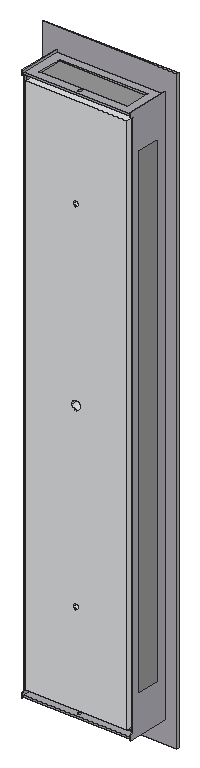
Revit family "Lighting - Lumetta - Sconce - W1636XX", category Lighting Fixtures, host Wall, Revit 2015 (continued)
Forms (in)
  Extrusion 16, solid, material "Paint - Lumetta - F02 - PC_Chrome" <- "Frame Finish", visible <- "W163606 - Xina"
    sketch origin (0, 5.59771, 0) x (-1, 0, 0) y (0, 0, 1)
      loop
        line (0.44321, 88.46486) -> (-0.31867, 88.04987) -> (-0.31867, 87.50365) -> (0.18192, 86.49302) -> (2.39525, 87.6201) -> (0.44321, 88.46486)
      loop
        line (0.65043, 84.6419) -> (-0.31867, 86.4579) -> (-0.31867, 85.03031) -> (0.65043, 84.6419)
      loop
        line (-0.31867, 83.53372) -> (-0.03267, 83.44752) -> (0.95029, 83.92311) -> (0.75143, 84.35346) -> (-0.31867, 84.76721) -> (-0.31867, 83.53372)
      loop
        line (0.0172, 83.21242) -> (-0.31867, 83.06133) -> (-0.31867, 81.44519) -> (1.99675, 81.82353) -> (1.60613, 82.6729) -> (0.0172, 83.21242)
      loop
        line (0.56003, 80.17105) -> (-0.31867, 80.75374) -> (-0.31867, 79.65274) -> (0.56003, 80.17105)
      loop
        line (0.7859, 80.05964) -> (-0.31867, 79.38041) -> (-0.31867, 78.66252) -> (2.44684, 78.96242) -> (0.7859, 80.05964)
      loop
        line (-0.31867, 77.71223) -> (-0.31867, 77.07328) -> (0.11929, 75.46787) -> (1.35883, 76.15686) -> (-0.31867, 77.71223)
      loop
        line (-0.31867, 76.23955) -> (-0.31867, 74.46163) -> (0.19565, 74.33742) -> (-0.31867, 76.23955)
      loop
        line (0.23683, 74.11666) -> (-0.31867, 74.23049) -> (-0.31867, 71.23191) -> (0.90944, 71.66387) -> (0.23683, 74.11666)
      loop
        line (1.37615, 69.92075) -> (-0.31867, 71.04814) -> (-0.31867, 69.77485) -> (1.10448, 69.29575) -> (1.43133, 69.67075) -> (1.37615, 69.92075)
      loop
        line (0.90944, 69.11713) -> (-0.31867, 69.56712) -> (-0.31867, 67.82827) -> (0.90944, 69.11713)
      loop
        line (1.38311, 68.95594) -> (-0.31867, 67.14906) -> (-0.31867, 66.24554) -> (0.45645, 65.92075) -> (2.21299, 66.87664) -> (1.68047, 68.85386) -> (1.38311, 68.95594)
      loop
        line (0.20425, 65.77768) -> (-0.31867, 66.01329) -> (-0.31867, 65.50113) -> (0.20425, 65.77768)
      loop
        line (2.11057, 64.92225) -> (0.45645, 65.65686) -> (-0.31867, 65.22514) -> (-0.31867, 64.92225) -> (2.11057, 64.92225)
      loop
        line (3.18133, 67.35672) -> (3.18133, 68.34418) -> (1.95129, 68.77326) -> (2.45045, 66.96798) -> (3.18133, 67.35672)
      loop
        line (1.90429, 69.51864) -> (1.79199, 69.38577) -> (1.91149, 69.00039) -> (3.18133, 68.56751) -> (3.18133, 68.6574) -> (1.90429, 69.51864)
      loop
        line (3.18133, 68.91505) -> (3.18133, 70.84508) -> (2.07343, 69.67591) -> (3.18133, 68.91505)
      loop
        line (1.60661, 69.98003) -> (1.70499, 69.90316) -> (3.18133, 71.49431) -> (3.18133, 72.17582) -> (1.21824, 71.51343) -> (1.60661, 69.98003)
      loop
        line (3.18133, 72.39584) -> (3.18133, 73.44403) -> (0.51136, 74.03186) -> (1.14946, 71.73622) -> (3.18133, 72.39584)
      loop
        line (3.18133, 75.03553) -> (3.18133, 76.88998) -> (1.88564, 76.19853) -> (3.18133, 75.03553)
      loop
        line (3.18133, 77.14999) -> (3.18133, 78.47352) -> (2.75844, 78.76144) -> (-0.31867, 78.45764) -> (-0.31867, 78.34802) -> (1.72456, 76.3544) -> (3.18133, 77.14999)
      loop
        line (3.18133, 79.02294) -> (3.18133, 79.48919) -> (2.44684, 81.02378) -> (0.9727, 80.17105) -> (2.84492, 78.96242) -> (3.18133, 79.02294)
      loop
        line (2.79561, 81.25983) -> (3.18133, 80.54982) -> (3.18133, 81.45908) -> (2.79561, 81.25983)
      loop
        line (2.56196, 81.71115) -> (2.70534, 81.44853) -> (3.18133, 81.72292) -> (3.18133, 81.82736) -> (2.56196, 81.71115)
      loop
        line (3.18133, 82.04741) -> (3.18133, 82.10692) -> (2.1723, 82.46242) -> (2.44684, 81.93464) -> (3.18133, 82.04741)
      loop
        line (3.18133, 82.32313) -> (3.18133, 84.77777) -> (1.43133, 83.93801) -> (2.04243, 82.73231) -> (3.18133, 82.32313)
      loop
        line (3.18133, 85.00363) -> (3.18133, 85.37533) -> (0.53029, 85.80071) -> (1.35883, 84.14297) -> (3.18133, 85.00363)
      loop
        line (2.99591, 87.36519) -> (0.36443, 86.10567) -> (0.39541, 86.06319) -> (3.18133, 85.54193) -> (3.18133, 87.24436) -> (2.99591, 87.36519)
      loop
        line (3.18133, 87.98568) -> (3.18133, 89.91569) -> (0.71726, 88.60131) -> (2.65535, 87.7345) -> (3.18133, 87.98568)
      loop
        line (0.44273, 88.7277) -> (2.73698, 89.92225) -> (-0.31867, 89.92225) -> (-0.31867, 89.04623) -> (0.44273, 88.7277)
      loop
        line (-2.56867, 95.42225) -> (-2.56867, 59.42225) -> (5.43133, 59.42225) -> (5.43133, 95.42225) -> (-2.56867, 95.42225)
      loop
        line (1.07429, 83.74747) -> (0.30546, 83.36519) -> (1.50758, 82.89466) -> (1.07429, 83.74747)
      loop
        line (2.09998, 81.63603) -> (-0.24361, 81.22631) -> (-0.29825, 81.02378) -> (0.79899, 80.31421) -> (2.33894, 81.22631) -> (2.09998, 81.63603)
      loop
        line (0.95737, 71.44358) -> (0.00347, 71.11519) -> (1.29814, 70.20054) -> (0.95737, 71.44358)
      loop
        line (2.26852, 66.62908) -> (0.69809, 65.77768) -> (2.65755, 64.92628) -> (2.75611, 64.98414) -> (2.26852, 66.62908)
      loop
        circle (1.43133, 77.42225) r 0.5
    from 0 to -0.0933
Cuts and joins
  Extrusion 2, Extrusion 4 cuts Extrusion 3
  Extrusion 4 cuts Extrusion 1
Text (in)
  text "Placement Side" at (0, 40.15149, 123.01588), in view "Right"
  text "Placement Side" at (-70.3804, 28.46503, 0), in view "Ref. Level"
  text "Placement Side" at (0, 85.69064, 140.59947), in view "Left"
Dimensions and locks (in)
  plane 4 "Light Source Elevation" to plane 6 "Sconce-TOP" = 1' - 6"
  plane 5 "Sconce-BTM" to plane 4 "Light Source Elevation" = 1' - 6"
  locked: plane 3 "Light Source Axis (L/R)" to Extrusion 1 sketch curve at 3  (x2)
  locked: Extrusion 1 sketch curve to Extrusion 1 sketch curve at 6
  locked: Extrusion 2 sketch curve to plane 7 "Wall-Face" at 0.25
  locked: Extrusion 3 sketch curve to Extrusion 3 sketch curve at 0.09375  (x4)
  locked: Extrusion 3 sketch curve to Extrusion 3 sketch curve at 0.75  (x2)
  locked: Extrusion 3 sketch curve to Extrusion 3 sketch curve at 2.4375
  locked: Extrusion 3 sketch curve to plane 7 "Wall-Face"
  locked: plane 5 "Sconce-BTM" to Extrusion 3 sketch curve at 1.34375
  locked: Extrusion 3 sketch curve to plane 6 "Sconce-TOP" at 1.34375
  locked: Extrusion 4 sketch curve to Extrusion 4 sketch curve at 5.25
  locked: Extrusion 4 sketch curve to Extrusion 4 sketch curve at 1.5
  locked: Extrusion 4 sketch curve to plane 7 "Wall-Face" at 0.5
  locked: Extrusion 4 sketch curve to plane 3 "Light Source Axis (L/R)" at 2.625
  locked: Extrusion 5 to Extrusion 5 at 0.05584
  locked: Extrusion 6 to Extrusion 6 at 0.05584
  cut or joined group of Extrusion 2, Extrusion 3, Extrusion 4 to plane 3 "Light Source Axis (L/R)" = 0' - 3 3/16"
  plane 3 "Light Source Axis (L/R)" to cut or joined group of Extrusion 2, Extrusion 3, Extrusion 4 = 0' - 3 3/16"
  plane 3 "Light Source Axis (L/R)" to Extrusion 6 = 0' - 3.24334"
  Extrusion 5 to plane 3 "Light Source Axis (L/R)" = 0' - 3.24334"
  locked: Extrusion 7 sketch curve to plane 6 "Sconce-TOP" at 1.375
  locked: plane 5 "Sconce-BTM" to Extrusion 7 sketch curve at 1.375
  Extrusion 7 sketch curve to plane 3 "Light Source Axis (L/R)" = 0' - 3 3/16"
  Extrusion 7 sketch curve to Extrusion 7 sketch curve = 0' - 6 3/8"
  locked: Extrusion 7 sketch curve to plane 6 "Sconce-TOP" at 2.875
  locked: plane 5 "Sconce-BTM" to Extrusion 7 sketch curve at 2.875
  locked: plane 3 "Light Source Axis (L/R)" to Extrusion 7 sketch curve at 1.875
  locked: Extrusion 7 sketch curve to Extrusion 7 sketch curve at 3.75
  locked: Extrusion 7 to Extrusion 7 at 0.05854
  locked: Extrusion 7 sketch curve to Extrusion 7 sketch curve at 1.3125  (x2)
  locked: plane 5 "Sconce-BTM" to Extrusion 1 sketch curve at 1.75
  locked: Extrusion 1 sketch curve to plane 6 "Sconce-TOP" at 1.75
  locked: Extrusion 8 sketch curve to Extrusion 8 sketch curve at 0.03125  (x2)
  locked: Extrusion 8 to plane 6 "Sconce-TOP" at 1.625
  locked: plane 5 "Sconce-BTM" to Extrusion 8 at 1.625
  cut or joined group of Extrusion 2, Extrusion 3, Extrusion 4 to Extrusion 9 sketch curve = 0' - 0"
  locked: Extrusion 9 sketch curve to Extrusion 9 sketch curve at 0.03125  (x2)
  plane 5 "Sconce-BTM" to Extrusion 9 sketch curve = 0' - 1 7/16"
  locked: plane 3 "Light Source Axis (L/R)" to Extrusion 9 at 3
  Extrusion 9 to plane 3 "Light Source Axis (L/R)" = 0' - 3"
  locked: Extrusion 8 sketch curve to plane 8 "Sconce Face" at 0.15185  (x2)
  locked: Extrusion 8 sketch curve to plane 3 "Light Source Axis (L/R)" at 3.1875
  locked: plane 3 "Light Source Axis (L/R)" to Extrusion 8 sketch curve at 3.1875
  plane 3 "Light Source Axis (L/R)" to Extrusion 10 sketch curve = 0' - 2 1/2"
  locked: Extrusion 10 sketch curve to Extrusion 10 sketch curve at 5
  locked: Extrusion 10 sketch curve to plane 6 "Sconce-TOP" at 2.5
  locked: plane 5 "Sconce-BTM" to Extrusion 10 sketch curve at 2.5
  locked: plane 8 "Sconce Face" to Extrusion 10 at 0.15185
  locked: Extrusion 10 to Extrusion 10 at 0.04456
  Extrusion 3 sketch curve to plane 7 "Wall-Face" = 0' - 2.50045"
  locked: Extrusion 3 sketch curve to plane 7 "Wall-Face" at 0
  locked: plane 8 "Sconce Face" to plane 7 "Wall-Face" at 2.59375
  locked: plane 7 "Wall-Face" to host wall at 0
  locked: Extrusion 9 sketch curve to Extrusion 9 sketch curve at 1.9  (x2)
  locked: plane 8 "Sconce Face" to Extrusion 9 sketch curve at 0.2456
  locked: plane 8 "Sconce Face" to Extrusion 9 sketch curve at 0.25
  locked: Extrusion 11 sketch curve to plane 6 "Sconce-TOP"
  locked: Extrusion 11 sketch curve to plane 5 "Sconce-BTM" at 0
  locked: Extrusion 11 sketch curve to Extrusion 11 sketch curve at 5.5
  locked: Extrusion 11 sketch curve to plane 6 "Sconce-TOP" at 5.5
  locked: Extrusion 11 sketch curve to plane 3 "Light Source Axis (L/R)" at 4
  locked: Extrusion 11 sketch curve to Extrusion 11 sketch curve at 8
  locked: Extrusion 11 sketch curve to plane 3 "Light Source Axis (L/R)" at 1.75
  locked: Extrusion 11 sketch curve to Extrusion 11 sketch curve at 3.5
  locked: Extrusion 11 to plane 8 "Sconce Face" at 0.0933
  locked: Extrusion 11 to plane 8 "Sconce Face" at 0
  locked: plane 8 "Sconce Face" to Extrusion 8 sketch curve at 2.33828  (x2)
  locked: Extrusion 8 sketch curve to plane 8 "Sconce Face" at 0.15625
  locked: Extrusion 12 to plane 8 "Sconce Face" at 0.0933
  locked: Extrusion 13 to plane 8 "Sconce Face" at 0.0933
  locked: Extrusion 13 to plane 8 "Sconce Face" at 0
  locked: Extrusion 12 to plane 8 "Sconce Face" at 0
  locked: Extrusion 14 to plane 8 "Sconce Face" at 0.0933
  locked: Extrusion 14 to plane 8 "Sconce Face" at 0
  locked: Extrusion 15 to plane 8 "Sconce Face" at 0.0933
  locked: Extrusion 15 to plane 8 "Sconce Face" at 0
  locked: Extrusion 16 to plane 8 "Sconce Face" at 0.0933
  locked: Extrusion 16 to plane 8 "Sconce Face" at 0
  locked: plane 8 "Sconce Face" to Extrusion 5 sketch curve at 0.09375
  locked: Extrusion 5 sketch curve to plane 7 "Wall-Face" at 0  (x4)
  locked: Extrusion 5 sketch curve to Extrusion 5 sketch curve at 0.5
  locked: Extrusion 5 sketch curve to Extrusion 5 sketch curve at 1.5
  locked: Extrusion 5 sketch curve to Extrusion 5 sketch curve at 2.25  (x2)
  locked: Extrusion 5 sketch curve to plane 7 "Wall-Face" at 0.125
  locked: Extrusion 6 sketch curve to plane 8 "Sconce Face" at 0.09375
  locked: Extrusion 6 sketch curve to plane 7 "Wall-Face" at 0  (x4)
  locked: Extrusion 6 sketch curve to Extrusion 6 sketch curve at 0.5
  locked: Extrusion 6 sketch curve to Extrusion 6 sketch curve at 1.5
  locked: Extrusion 6 sketch curve to Extrusion 6 sketch curve at 0.375  (x3)
  locked: Extrusion 6 sketch curve to plane 5 "Sconce-BTM" at 1.25
  locked: Extrusion 6 sketch curve to Extrusion 6 sketch curve at 2.25  (x2)
  locked: Extrusion 6 sketch curve to plane 6 "Sconce-TOP" at 1.25
  locked: plane 6 "Sconce-TOP" to Extrusion 5 sketch curve at 1.25
  locked: plane 5 "Sconce-BTM" to Extrusion 5 sketch curve at 1.25
  locked: Extrusion 5 sketch curve to Extrusion 5 sketch curve at 0.375  (x2)
  locked: cut or joined group of Extrusion 2, Extrusion 3, Extrusion 4 to Extrusion 9 sketch curve
  aligned: level to host wall
  aligned and locked: plane 2 "Light Source Axis (F/B)" to imposter light
  aligned and locked: Extrusion 2 to plane 5 "Sconce-BTM"
  aligned and locked: plane 6 "Sconce-TOP" to Extrusion 2
  aligned and locked: plane 6 "Sconce-TOP" to Extrusion 4
  aligned and locked: Extrusion 4 to plane 5 "Sconce-BTM"
